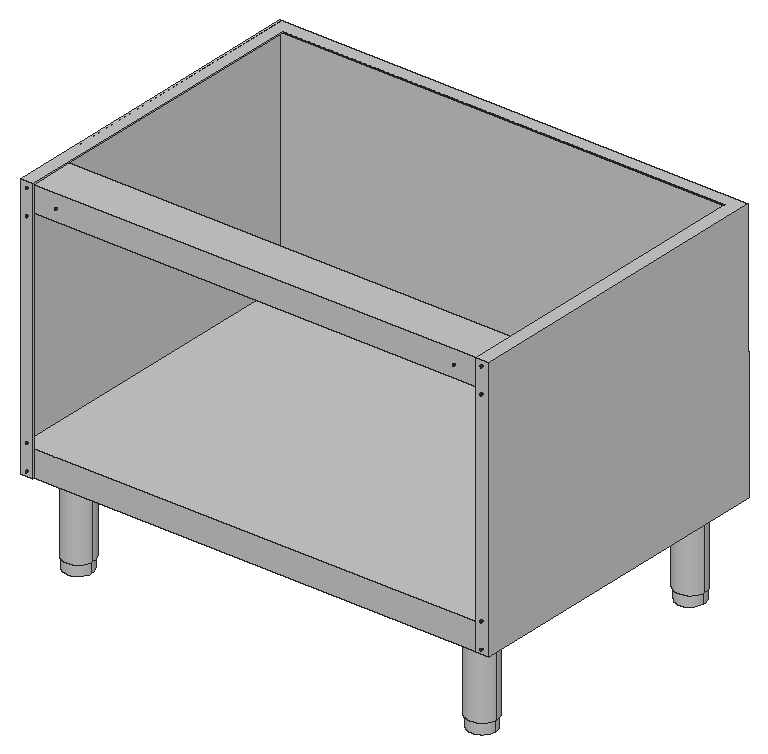
Revit family "QF_ELECTROLUXPROFESSIONAL_371113_E7BANH00O0", category Specialty Equipment, Revit 2018
Family settings
  Round Connector Dimension = Use Diameter
  Part Type = Normal
  Work Plane-Based = No
  Always vertical = Yes
  Cut with Voids When Loaded = No
  Shared = No
  Room Calculation Point = No
Parameters
  Width = 799.00 mm  # constant formula
  Weight in Pounds = 0
  URL Cutsheet = "www.electrolux.com"
  URL = "www.electrolux.com"
  Type Mark [instance] = ""
  Status [instance] = ""
  Specification by User [instance] = ""
  Specification by Manufacturer = ""
  Serial Number = ""
  Seismic Rating = ""
  SMACNA No = ""
  Revision Code [instance] = ""
  Omniclass Number and Title = ""
  NAFEM Spec ID Number = ""
  Model = "371113"
  Masterspec = ""
  Manufacturer = "ELECTROLUX"
  Item Number [instance] = ""
  Installed By [instance] = ""
  Identify Quantity as Lot [instance] = yes
  Height = 599.00 mm  # constant formula
  Furnished By [instance] = ""
  Foodservice Equipment Identifier [instance] = yes
  Direct Waste Size = 0"
  Description = "700XP Open Base Cupboard 1 Module"
  Depth = 554.00 mm  # constant formula
  CSI MasterFormat = ""
  CSI Master Format = ""
Reference planes
  plane 1 "BACK": y = 0
  plane 2: z = 0
  plane 3 "LEFT": x = 0
  plane 4 "RIGHT": x = 799
  plane 5 "FRONT": y = -554
  plane 6 "TOP": z = 599
  plane 7 "Center Y": x = 399.5
  plane 8 "Center X": y = -277
  plane 9 "Base Height": z = 149
Forms (mm)
  Extrusion 1, solid, material "QF_Finishes_Stainless Steel"
    sketch origin (0, 0, 149) x (-1, 0, 0) y (0, -1, 0)
      loop
        line (0, 0) -> (0, 554) -> (-22, 554) -> (-22, 22) -> (-777, 22) -> (-777, 554) -> (-799, 554) -> (-799, 0) -> (0, 0)
    from 448.412 to 450
  Extrusion 2, solid, material "QF_Finishes_Stainless Steel"
    sketch origin (0, -554, 0) x (1, 0, 0) y (0, 0, 1)
      loop
        line (0, 597.413) -> (0, 149) -> (22, 149) -> (22, 597.413) -> (0, 597.413)
      loop
        line (799, 149) -> (799, 597.413) -> (777, 597.413) -> (777, 149) -> (799, 149)
    from 0 to -1.59
  Extrusion 3, solid, material "QF_Finishes_Stainless Steel"
    sketch origin (0, 0, 0) x (0, 1, 0) y (0, 0, 1)
      loop
        line (-552.41, 597.413) -> (-552.41, 149) -> (0, 149) -> (0, 597.413) -> (-552.41, 597.413)
    from 0 to 1.59
  Extrusion 4, solid, material "QF_Finishes_Stainless Steel"
    sketch origin (799, 0, 0) x (0, 1, 0) y (0, 0, 1)
      loop
        line (-552.41, 597.413) -> (-552.41, 149) -> (0, 149) -> (0, 597.413) -> (-552.41, 597.413)
    from 0 to -1.59
  Extrusion 5, solid, material "QF_Finishes_Stainless Steel"
    sketch origin (0, 0, 0) x (1, 0, 0) y (0, 0, 1)
      loop
        line (0, 597.413) -> (0, 149) -> (799, 149) -> (799, 597.413) -> (0, 597.413)
    from 0 to 1.59
  Extrusion 6, solid, material "QF_Finishes_Stainless Steel"
    sketch origin (0, 0, 149) x (-1, 0, 0) y (0, -1, 0)
      loop
        line (-1.59, 1.59) -> (-1.59, 552.41) -> (-797.41, 552.41) -> (-797.41, 1.59) -> (-1.59, 1.59)
      loop
        circle (-752.751, 403.685) r 12.7
    from 0 to 45
  Extrusion 7, solid, material "QF_Finishes_Stainless Steel"
    sketch origin (0, 0, 0) x (0, 1, 0) y (0, 0, 1)
      loop
        line (-552.41, 597.413) -> (-552.41, 554.237) -> (-550.82, 554.237) -> (-550.82, 595.823) -> (-477.41, 595.823) -> (-477.41, 597.413) -> (-552.41, 597.413)
    from 1.59 to 797.41
  Extrusion 8, solid, material "QF_Finishes_Stainless Steel"
    sketch origin (0, 0, 149) x (-1, 0, 0) y (0, -1, 0)
      loop
        circle (-752.751, 403.685) r 12.7
    from -1.075 to 43.642
  Extrusion 9, solid, material "QF_Finishes_Black"
    sketch origin (399, -554, 149) x (-1, 0, 0) y (0, 0, -1)
      loop
        circle (387.615, -441.126) r 1.5
      loop
        circle (387.615, -397.951) r 1.5
      loop
        circle (387.615, -51.126) r 1.5
      loop
        circle (387.615, -7.951) r 1.5
      loop
        circle (-388.615, -441.126) r 1.5
      loop
        circle (-388.615, -397.951) r 1.5
      loop
        circle (-388.615, -51.126) r 1.5
      loop
        circle (-388.615, -7.951) r 1.5
    from 0 to 1.59
  Extrusion 10, solid, material "QF_Finishes_Black"
    sketch origin (0, -552.41, 592.413) x (0, 0, 1) y (-1, 0, 0)
      loop
        circle (-17.884, -59.72) r 1.5
      loop
        circle (-17.884, -739.28) r 1.5
    from 0 to 1.59
  Revolve 11, solid, material "QF_Finishes_Stainless Steel"
    sketch origin (0, -499, 0) x (1, 0, 0) y (0, 0, 1)
      loop
        line (55, 0) -> (55, 149) -> (29.6, 149) -> (29.6, 19.05) -> (32.1, 19.05) -> (32.1, 0) -> (55, 0)
      axis (55, 0) -> (55, 149)
    angle from 0 to 360
  Revolve 12, solid, material "QF_Finishes_Stainless Steel"
    sketch origin (399, -499, 0) x (-1, 0, 0) y (0, 0, -1)
      loop
        line (-345, 0) -> (-367.9, 0) -> (-367.9, -19.05) -> (-370.4, -19.05) -> (-370.4, -149) -> (-345, -149) -> (-345, 0)
      axis (-345, 0) -> (-345, -149)
    angle from 0 to 360
  Revolve 13, solid, material "QF_Finishes_Stainless Steel"
    sketch origin (0, -55, 0) x (1, 0, 0) y (0, 0, -1)
      loop
        line (55, 0) -> (32.1, 0) -> (32.1, -19.05) -> (29.6, -19.05) -> (29.6, -149) -> (55, -149) -> (55, 0)
      axis (55, 0) -> (55, -149)
    angle from 0 to 360
  Revolve 14, solid, material "QF_Finishes_Stainless Steel"
    sketch origin (399, -55, 0) x (-1, 0, 0) y (0, 0, 1)
      loop
        line (-345, 0) -> (-345, 149) -> (-370.4, 149) -> (-370.4, 19.05) -> (-367.9, 19.05) -> (-367.9, 0) -> (-345, 0)
      axis (-345, 0) -> (-345, 149)
    angle from 0 to 360
Cuts and joins
  joined: Extrusion 1, Extrusion 2, Extrusion 3, Extrusion 4, Extrusion 5, Extrusion 6, Extrusion 7, Extrusion 8
Lines and regions (mm)
  symbolic lines, style "QF-Undercounter Details"
    curve 1: line (0, 0, 149) -> (799, 0, 149)
    curve 2: line (0, -554, 149) -> (0, 0, 149)
    curve 3: line (799, -554, 149) -> (0, -554, 149)
    curve 4: line (799, 0, 149) -> (799, -554, 149)
    curve 5: line (22, -477.41, 149) -> (777, -477.41, 149)
    curve 6: line (777, -554, 149) -> (777, -22, 149)
    curve 7: line (777, -22, 149) -> (22, -22, 149)
    curve 8: line (22, -22, 149) -> (22, -554, 149)
    curve 9: line (22, -22, 149) -> (0, 0, 149)
    curve 10: line (777, -22, 149) -> (799, 0, 149)
    curve 11: arc (740.051, -403.685, 149) -> (752.751, -390.985, 149) -> (765.451, -403.685, 149) r 12.7
    curve 12: arc (765.451, -403.685, 149) -> (752.751, -416.385, 149) -> (740.051, -403.685, 149) r 12.7
Dimensions and locks
  equal spacing: plane 3 "LEFT", plane 7 "Center Y", plane 4 "RIGHT"
  "Width": plane 3 "LEFT" to plane 4 "RIGHT"
  equal spacing: plane 5 "FRONT", plane 8 "Center X", plane 1 "BACK"
  "Depth": plane 5 "FRONT" to plane 1 "BACK"
  "Height": plane 6 "TOP" to level
  locked: plane 9 "Base Height" to level at 149
  aligned and locked: level to plane 2
  aligned and locked: Revolve 11 to plane 9 "Base Height"
  aligned and locked: plane 9 "Base Height" to Revolve 12
Automatic sketch dimensions
  plane 1 "BACK" to Extrusion 1 sketch curve = 0.00 mm
  Extrusion 1 sketch curve to plane 4 "RIGHT" = 0.00 mm
  plane 5 "FRONT" to Extrusion 1 sketch curve = 0.00 mm  (x2)
  Extrusion 1 sketch curve to plane 3 "LEFT" = 0.00 mm
  Extrusion 1 sketch curve to Extrusion 1 sketch curve = 22.00 mm
  plane 3 "LEFT" to Extrusion 1 sketch curve = 22.00 mm
  plane 1 "BACK" to Extrusion 1 sketch curve = 22.00 mm
  Extrusion 2 sketch curve to plane 3 "LEFT" = 0.00 mm
  Extrusion 2 sketch curve to plane 9 "Base Height" = 0.00 mm  (x2)
  Extrusion 2 sketch curve to plane 4 "RIGHT" = 0.00 mm
  plane 3 "LEFT" to Extrusion 2 sketch curve = 22.00 mm
  Extrusion 2 sketch curve to plane 4 "RIGHT" = 22.00 mm
  Extrusion 2 sketch curve to plane 6 "TOP" = 1.587 mm  (x2)
  Extrusion 3 sketch curve to plane 9 "Base Height" = 0.00 mm
  Extrusion 3 sketch curve to plane 1 "BACK" = 0.00 mm
  Extrusion 3 sketch curve to plane 5 "FRONT" = 1.59 mm
  Extrusion 3 sketch curve to plane 6 "TOP" = 1.587 mm
  Extrusion 4 sketch curve to plane 9 "Base Height" = 0.00 mm
  Extrusion 4 sketch curve to plane 1 "BACK" = 0.00 mm
  Extrusion 4 sketch curve to plane 5 "FRONT" = 1.59 mm
  Extrusion 4 sketch curve to plane 6 "TOP" = 1.587 mm
  Extrusion 5 sketch curve to plane 3 "LEFT" = 0.00 mm
  Extrusion 5 sketch curve to plane 4 "RIGHT" = 0.00 mm
  Extrusion 5 sketch curve to plane 9 "Base Height" = 0.00 mm
  Extrusion 5 sketch curve to plane 6 "TOP" = 1.587 mm
  Extrusion 6 sketch curve to Extrusion 6 sketch curve = 0.00 mm  (x2)
  Extrusion 6 sketch curve to plane 4 "RIGHT" = 1.59 mm
  Extrusion 6 sketch curve to plane 4 "RIGHT" = 33.549 mm
  Extrusion 6 sketch curve to Extrusion 6 sketch curve = 12.70 mm
  plane 3 "LEFT" to Extrusion 6 sketch curve = 1.59 mm
  plane 1 "BACK" to Extrusion 6 sketch curve = 1.59 mm
  Extrusion 6 sketch curve to plane 8 "Center X" = 126.685 mm
  Extrusion 6 sketch curve to plane 5 "FRONT" = 1.59 mm
  Extrusion 7 sketch curve to plane 5 "FRONT" = 1.59 mm
  Extrusion 7 sketch curve to Extrusion 7 sketch curve = 1.59 mm
  Extrusion 7 sketch curve to plane 6 "TOP" = 3.178 mm
  Extrusion 7 sketch curve to Extrusion 7 sketch curve = 73.41 mm
  Extrusion 7 sketch curve to Extrusion 7 sketch curve = 41.585 mm
  Extrusion 7 sketch curve to plane 6 "TOP" = 1.588 mm
  Extrusion 8 sketch curve to plane 4 "RIGHT" = 46.249 mm
  Extrusion 8 sketch curve to plane 8 "Center X" = 126.685 mm
  Extrusion 10 sketch curve to Extrusion 7 = 20.291 mm  (x2)
  Extrusion 7 to Extrusion 10 sketch curve = 58.13 mm  (x2)
  curve 11 to curve 12 = 0.00 mm  (x2)
  curve 4 to plane 4 "RIGHT" = 0.00 mm
  plane 5 "FRONT" to curve 6 = 0.00 mm
  curve 3 to plane 3 "LEFT" = 0.00 mm
  plane 1 "BACK" to curve 1 = 0.00 mm
  curve 7 to plane 4 "RIGHT" = 22.00 mm
  curve 12 to plane 4 "RIGHT" = 33.549 mm
  curve 11 to curve 12 = 12.70 mm
  plane 3 "LEFT" to curve 9 = 22.00 mm
  plane 1 "BACK" to curve 10 = 22.00 mm
  curve 12 to plane 8 "Center X" = 126.685 mm
  curve 5 to plane 5 "FRONT" = 76.59 mm
  Revolve 11 sketch curve to plane 9 "Base Height" = 0.00 mm
  Revolve 11 sketch curve to level = 0.00 mm
  plane 3 "LEFT" to Revolve 11 sketch curve = 29.60 mm
  Revolve 11 sketch curve to Revolve 11 sketch curve = 2.50 mm
  Revolve 11 sketch curve to Revolve 11 sketch curve = 25.40 mm
  Revolve 11 sketch curve to Revolve 11 sketch curve = 0.00 mm
  level to Revolve 11 sketch curve = 19.05 mm
  plane 9 "Base Height" to Revolve 11 sketch curve = 1.00 mm
  Revolve 11 sketch curve to Revolve 11 sketch curve = 20.00 mm
  Revolve 12 sketch curve to plane 9 "Base Height" = 0.00 mm
  Revolve 12 sketch curve to level = 0.00 mm
  Revolve 12 sketch curve to plane 4 "RIGHT" = 29.60 mm
  Revolve 12 sketch curve to Revolve 12 sketch curve = 2.50 mm
  Revolve 12 sketch curve to Revolve 12 sketch curve = 25.40 mm
  Revolve 12 sketch curve to Revolve 12 sketch curve = 0.00 mm
  Revolve 12 sketch curve to Revolve 12 sketch curve = 1.00 mm
  Revolve 12 sketch curve to Revolve 12 sketch curve = 20.00 mm
  level to Revolve 12 sketch curve = 19.05 mm
  Revolve 13 sketch curve to plane 9 "Base Height" = 0.00 mm
  Revolve 13 sketch curve to level = 0.00 mm
  plane 3 "LEFT" to Revolve 13 sketch curve = 29.60 mm
  Revolve 13 sketch curve to Revolve 13 sketch curve = 2.50 mm
  Revolve 13 sketch curve to Revolve 13 sketch curve = 25.40 mm
  Revolve 13 sketch curve to Revolve 13 sketch curve = 0.00 mm
  plane 9 "Base Height" to Revolve 13 sketch curve = 1.00 mm
  Revolve 13 sketch curve to Revolve 13 sketch curve = 20.00 mm
  level to Revolve 13 sketch curve = 19.05 mm
  Revolve 14 sketch curve to plane 9 "Base Height" = 0.00 mm
  Revolve 14 sketch curve to level = 0.00 mm
  Revolve 14 sketch curve to plane 4 "RIGHT" = 29.60 mm
  Revolve 14 sketch curve to Revolve 14 sketch curve = 2.50 mm
  Revolve 14 sketch curve to Revolve 14 sketch curve = 25.40 mm
  Revolve 14 sketch curve to Revolve 14 sketch curve = 0.00 mm
  level to Revolve 14 sketch curve = 19.05 mm
  Revolve 14 sketch curve to Revolve 14 sketch curve = 1.00 mm
  Revolve 14 sketch curve to Revolve 14 sketch curve = 20.00 mm
  Extrusion 1 to Extrusion 9 sketch curve = 765.615 mm
  Extrusion 9 sketch curve to Extrusion 1 = 50.462 mm
  Extrusion 9 sketch curve to Extrusion 9 sketch curve = 0.00 mm  (x3)
  Extrusion 9 sketch curve to Extrusion 1 = 7.286 mm  (x2)
  Extrusion 9 sketch curve to Extrusion 1 = 10.615 mm  (x4)
  Extrusion 9 sketch curve to Extrusion 9 sketch curve = 43.175 mm  (x3)
  Extrusion 9 sketch curve to Extrusion 9 sketch curve = 346.825 mm  (x2)
  radius of Extrusion 8 sketch curve = 12.70 mm
  radius of Extrusion 10 sketch curve = 1.50 mm  (x2)
  radius of Extrusion 9 sketch curve = 1.50 mm  (x8)
